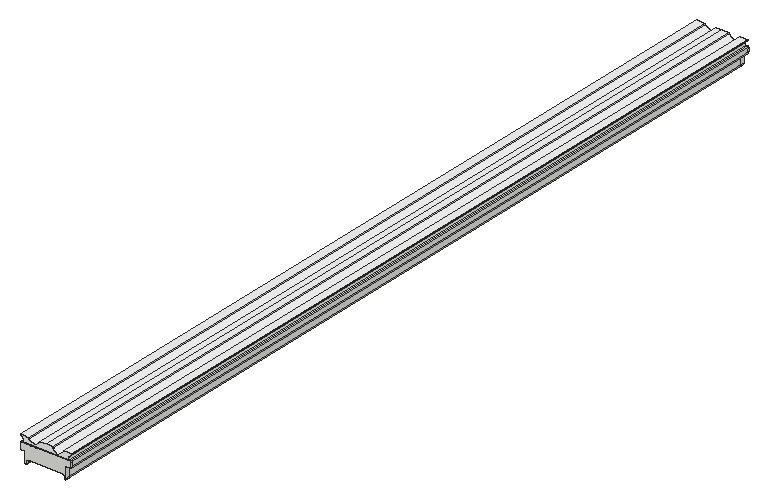
Revit family "Zumtobel TECTON 2 Medium Shelf Beam continuous row luminaire", category Lighting Fixtures, host Face, Revit 2023
Family settings
  Host = Face
  Round Connector Dimension = Use Diameter
  Part Type = Normal
  Cut with Voids When Loaded = Yes
  Light Source = Yes
  Maintain Annotation Orientation = No
  Shared = Yes
  Room Calculation Point = Yes
Parameters (values of type "TEC2 3k7-840 L10 MSB LDE WH")
  Wattage = 20.4 W
  built-in parameter 1150110 = 1 (stored number, unit not read)
  URL = "https://www.zumtobel.com/42956148"
  Type Image = ZS_TE2_F_Batten_single_WH.jpg
  Type Housing White = Zumtobel-Parts-TECTON 2-Continuous row luminaire-Housing : White
  Type Housing Black = Zumtobel-Parts-TECTON 2-Continuous row luminaire-Housing : Black
  Type Housing = if(White, Type Housing White, if(Black, Type Housing Black, Type Housing White))  # Zumtobel-Parts-TECTON 2-Continuous row luminaire-Housing : White
  built-in parameter 1114217 = 1 (stored number, unit not read)
  Tilt Angle = -90.00°  # constant formula
  built-in parameter 1150109 = 1 (stored number, unit not read)
  built-in parameter 1150134 = 12
  built-in parameter 1150113 = 1 (stored number, unit not read)
  Power Factor = 0.98
  Photometric Web File = "42956148_(STD_LEO).IES"
  Model = "42956148"
  Manufacturer = "Zumtobel Lighting"  # constant formula
  built-in parameter 1150105 = 320.7 (stored number, unit not read)
  Lumens = 4010 lm
  Luminaire Width = 60 mm  # constant formula
  Luminaire Length = if(L10, 1000 mm, if(L15, 1500 mm, if(L20, 2000 mm, if(L25, 2500 mm, 1000 mm))))  # 1000 mm
  Luminaire Height = 21.04 mm  # constant formula
  built-in parameter 1150115 = 1 (stored number, unit not read)
  Lighting Trunking System Mark [instance] = ""
  built-in parameter 1150137 = (empty or 0)
  built-in parameter 1150139 = (empty or 0)
  built-in parameter 1150112 = 1 (stored number, unit not read)
  built-in parameter 1150114 = 1 (stored number, unit not read)
  Lamp = "LED"  # constant formula
  L25 = no
  L20 = no
  L15 = no
  L10 = yes
  built-in parameter 1150132 = 2
  built-in parameter 1150102 = (empty or 0)
  built-in parameter 1150107 = 4000 (stored number, unit not read)
  built-in parameter 1150138 = (empty or 0)
  built-in parameter 1150106 = 3.207 (stored number, unit not read)
  White = yes
  Dimension = "Dimension"  # constant formula
  Colour = "Colour"  # constant formula
  Black = no
  Emit from Rectangle Width = 59.26 mm  # constant formula
  Emit from Rectangle Length = Luminaire Length - 2 mm  # 998 mm
  Emit Shape Visible in Rendering = 0 > 1  # no
  built-in parameter 1150104 = 18.302 (stored number, unit not read)
  Dimming Lamp Color Temperature Shift = <None>
  Description = "Luminaires - lighting track and lighting accessories"  # constant formula
  Default Elevation = 0 mm  # constant formula
  Color Filter = 16777215
  built-in parameter 1114218 = 1 (stored number, unit not read)
  built-in parameter 1150133 = 10 (stored number, unit not read)
  Assembly Code = "Pr_70_70_48"
  Apparent Load = Wattage / Power Factor  # 20.8163 VA
Types (13, lengths in mm): name | Wattage | URL | Type Image | Type Housing | Power Factor | Photometric Web File | Model | Lumens | Luminaire Length | L25 | L20 | L15 | L10 | built-in parameter 1150107 | White | Black | Emit from Rectangle Length | built-in parameter 1150104 | Apparent Load
  TEC2 3k7-840 L10 MSB LDE WH | 20.4 W | "https://www.zumtobel.com/42956148" | ZS_TE2_F_Batten_single_WH.jpg | Zumtobel-Parts-TECTON 2-Continuous row luminaire-Housing : White | 0.98 | "42956148_(STD_LEO).IES" | "42956148" | 4010 lm | 1000 | no | no | no | yes | 4000 (stored number, unit not read) | yes | no | 998 | 18.302 (stored number, unit not read) | 20.8163 VA
  TEC2 5k5-830 L15 MSB LDE WH | 30.4 W | "https://www.zumtobel.com/42955640" | ZS_TE2_F_Batten_single_WH.jpg | Zumtobel-Parts-TECTON 2-Continuous row luminaire-Housing : White | 0.96 | "42955640_(STD_LEO).IES" | "42955640" | 5950 lm | 1500 | no | no | yes | no | 3000 (stored number, unit not read) | yes | no | 1498 | 18.209 (stored number, unit not read) | 31.6667 VA
  TEC2 5k5-840 L15 MSB LDE WH | 29.7 W | "https://www.zumtobel.com/42955641" | ZS_TE2_F_Batten_single_WH.jpg | Zumtobel-Parts-TECTON 2-Continuous row luminaire-Housing : White | 0.96 | "42955641_(STD_LEO).IES" | "42955641" | 6020 lm | 1500 | no | no | yes | no | 4000 (stored number, unit not read) | yes | no | 1498 | 18.859 (stored number, unit not read) | 30.9375 VA
  TEC2 7k3-840 L20 MSB LDE WH | 39.1 W | "https://www.zumtobel.com/42190420" | ZS_TE2_F_Batten_single_WH.jpg | Zumtobel-Parts-TECTON 2-Continuous row luminaire-Housing : White | 0.98 | "42190420_(STD_LEO).IES" | "42190420" | 8020 lm | 2000 | no | yes | no | no | 4000 (stored number, unit not read) | yes | no | 1998 | 19.045 (stored number, unit not read) | 39.898 VA
  TEC2 9k2-840 L25 MSB LDE WH | 48.5 W | "https://www.zumtobel.com/42190416" | ZS_TE2_F_Batten_single_WH.jpg | Zumtobel-Parts-TECTON 2-Continuous row luminaire-Housing : White | 0.98 | "42190416_(STD_LEO).IES" | "42190416" | 10000 lm | 2500 | yes | no | no | no | 4000 (stored number, unit not read) | yes | no | 2498 | 19.138 (stored number, unit not read) | 49.4898 VA
  TEC2 11k-840 L20 MSB LDE WH | 52.9 W | "https://www.zumtobel.com/42955643" | ZS_TE2_F_Batten_single_WH.jpg | Zumtobel-Parts-TECTON 2-Continuous row luminaire-Housing : White | 0.98 | "42955643_(STD_LEO).IES" | "42955643" | 10700 lm | 2000 | no | yes | no | no | 4000 (stored number, unit not read) | yes | no | 1998 | 18.766 (stored number, unit not read) | 53.9796 VA
  TEC2 5k3-840 L10 MSB LDE WH | 27.4 W | "https://www.zumtobel.com/42955642" | ZS_TE2_F_Batten_single_WH.jpg | Zumtobel-Parts-TECTON 2-Continuous row luminaire-Housing : White | 0.95 | "42955642_(STD_LEO).IES" | "42955642" | 5350 lm | 1000 | no | no | no | yes | 4000 (stored number, unit not read) | yes | no | 998 | 18.116 (stored number, unit not read) | 28.8421 VA
  TEC2 8k-840 L15 MSB LDE WH | 40.1 W | "https://www.zumtobel.com/42190982" | ZS_TE2_F_Batten_single_WH.jpg | Zumtobel-Parts-TECTON 2-Continuous row luminaire-Housing : White | 0.98 | "42190982_(STD_LEO).IES" | "42190982" | 8020 lm | 1500 | no | no | yes | no | 4000 (stored number, unit not read) | yes | no | 1498 | 18.581 (stored number, unit not read) | 40.9184 VA
  TEC2 3k7-840 L10 MSB LDE BK | 20.4 W | "https://www.zumtobel.com/42956181" | ZS_TE2_F_Batten_single_BK.jpg | Zumtobel-Parts-TECTON 2-Continuous row luminaire-Housing : Black | 0.98 | "42956181_(STD_LEO).IES" | "42956181" | 3930 lm | 1000 | no | no | no | yes | 4000 (stored number, unit not read) | no | yes | 998 | 17.93 (stored number, unit not read) | 20.8163 VA
  TEC2 7k3-835 L20 MSB LDE BK | 39.1 W | "https://www.zumtobel.com/42190434" | ZS_TE2_F_Batten_single_BK.jpg | Zumtobel-Parts-TECTON 2-Continuous row luminaire-Housing : Black | 0.98 | "42190434_(STD_LEO).IES" | "42190434" | 7660 lm | 2000 | no | yes | no | no | 4000 (stored number, unit not read) | no | yes | 1998 | 18.209 (stored number, unit not read) | 39.898 VA
  TEC2 7k3-840 L20 MSB LDE BK | 39.1 W | "https://www.zumtobel.com/42190430" | ZS_TE2_F_Batten_single_BK.jpg | Zumtobel-Parts-TECTON 2-Continuous row luminaire-Housing : Black | 0.98 | "42190430_(STD_LEO).IES" | "42190430" | 7850 lm | 2000 | no | yes | no | no | 4000 (stored number, unit not read) | no | yes | 1998 | 18.674 (stored number, unit not read) | 39.898 VA
  TEC2 9k2-835 L25 MSB LDE BK | 48.4 W | "https://www.zumtobel.com/42190431" | ZS_TE2_F_Batten_single_BK.jpg | Zumtobel-Parts-TECTON 2-Continuous row luminaire-Housing : Black | 0.98 | "42190431_(STD_LEO).IES" | "42190431" | 9570 lm | 2500 | yes | no | no | no | 4000 (stored number, unit not read) | no | yes | 2498 | 18.395 (stored number, unit not read) | 49.3878 VA
  TEC2 9k2-840 L25 MSB LDE BK | 48.5 W | "https://www.zumtobel.com/42190427" | ZS_TE2_F_Batten_single_BK.jpg | Zumtobel-Parts-TECTON 2-Continuous row luminaire-Housing : Black | 0.98 | "42190427_(STD_LEO).IES" | "42190427" | 9810 lm | 2500 | yes | no | no | no | 4000 (stored number, unit not read) | no | yes | 2498 | 18.766 (stored number, unit not read) | 49.4898 VA
Reference planes
  plane 1 "Center (Front/Back)": y = 0
  plane 2: z = 0
  plane 3 "Center (Left/Right)": x = 0
  plane 4: x = -30
  plane 5: x = 30
  plane 6: y = 500
  plane 7: y = -500
  plane 8: z = 21.04
Lines and regions (mm)
  Filled region 1, type "White"
    outline origin (0, 0, 0) x (1, 0, 0) y (0, 1, 0)
      loop
        line (-30, 500) -> (-30, -500) -> (30, -500) -> (30, 500) -> (-30, 500)
  symbolic lines
    curve 1: line (-13.993, 500, 0) -> (-13.993, -500, 0)
    curve 2: line (13.993, 500, 0) -> (13.993, -500, 0)
  model lines, style "InvisibleLines"
    curve 3: line (-250, 500, 0) -> (250, 500, 0)
    curve 4: line (-250, -500, 0) -> (250, -500, 0)
Dimensions and locks
  equal spacing: plane 4, plane 3 "Center (Left/Right)", plane 5
  "Luminaire Width": plane 4 to plane 5
  equal spacing: plane 7, plane 1 "Center (Front/Back)", plane 6
  "Luminaire Length": plane 7 to plane 6
  "Luminaire Height": plane 8 to level
  aligned and locked: plane 2 to host face
  aligned and locked: level to host face
  aligned and locked: Filled region 1 to plane 4
  aligned and locked: Filled region 1 to plane 5
  aligned and locked: Filled region 1 sketch curve to plane 6
  aligned and locked: Filled region 1 sketch curve to plane 7
  aligned and locked: plane 5 to Filled region 1 sketch curve
  aligned and locked: plane 4 to Filled region 1 sketch curve
  aligned and locked: plane 6 to curve 1
  aligned and locked: plane 7 to curve 1
  aligned and locked: curve 3 to plane 6
  aligned and locked: plane 7 to curve 4
Automatic sketch dimensions
  host sketch curve to host sketch curve = 2438.4 mm  (x2)
  curve 4 to plane 4 = 220 mm
  curve 3 to plane 4 = 220 mm
  curve 1 to plane 3 "Center (Left/Right)" = 13.993 mm
  plane 3 "Center (Left/Right)" to curve 2 = 13.993 mm
  curve 4 to plane 5 = 220 mm
  curve 3 to plane 5 = 220 mm
Nested families
  nested 1: "Zumtobel-Parts-TECTON 2-Continuous row luminaire-Housing" at (0, 0, 0) x (0, -1, 0) z (0, 0, -1), A <- "Luminaire Length", type <- "Type Housing", type "White"
    with A 1000 mm
Connectors
  electrical at (0, 0, 0), driven by "Apparent Load", driven by "Power Factor"
    settings: index 1, voltage 230 V, apparent load 20.8163 VA, apparent load phase1 0 VA, apparent load phase2 0 VA, apparent load phase3 0 VA, power factor 0.98, load classification "Lighting", number of poles 1, system type 30, power factor state 1, is connector primary yes, connector utility no, sub classification motor no, connector description ""
Definition of nested family "Zumtobel-Parts-TECTON 2-Continuous row luminaire-Housing"
  Parameters (values of type "Black")
    Material Plastic = none
    Material Housing = none
    Manufacturer = "Zumtobel Lighting"  # constant formula
    Default Elevation = 0 mm  # constant formula
    C = 60 mm  # constant formula
    B = 60 mm  # constant formula
    A [instance] = 1000 mm
  Types (3, lengths in mm): name | A
    (no name) | 1000
    Black | 1000
    White | 2500
  Reference planes
    plane 1 "Center (Front/Back)": y = 0
    plane 2: z = 0
    plane 3 "Center (Left/Right)": x = 0
    plane 4: x = -500
    plane 5: x = 500
    plane 6: y = 30
    plane 7: y = -30
    plane 8: z = -60
    plane 9: z = 60
    plane 10: x = -499
    plane 11: x = -495.5
    plane 12: x = 499
    plane 13: x = 495.5
  Forms (mm)
    Extrusion 1, solid, material <- "Material Housing"
      sketch origin (0, 7.257, -8.942) x (0, 1, 0) y (0, 0, 1)
        loop
          arc (16.943, 15.62) -> (15.922, 16.642) -> (14.9, 15.62) r 1.022
          line (14.9, 15.62) -> (14.9, 12.801) -> (10.329, 9.025) -> (-7.257, 9.025) -> (-24.842, 9.025) -> (-29.413, 12.801) -> (-29.413, 15.62)
          arc (-29.413, 15.62) -> (-30.435, 16.642) -> (-31.457, 15.62) r 1.022
          line (-31.457, 15.62) -> (-31.457, 3.728)
          arc (-31.457, 3.728) -> (-31.634, 3.298) -> (-32.064, 3.12) r 0.608
          line (-32.064, 3.12) -> (17.551, 3.12)
          arc (17.551, 3.12) -> (17.121, 3.298) -> (16.943, 3.728) r 0.608
          line (16.943, 3.728) -> (16.943, 15.62)
      from -495.5 to 495.5
    Extrusion 2, solid, material <- "Material Housing"
      sketch origin (0, 7.257, -8.942) x (0, 1, 0) y (0, 0, 1)
        loop
          line (-7.241, 3.12) -> (-35.357, 3.12)
          arc (-35.357, 3.12) -> (-36.7, 2.564) -> (-37.257, 1.22) r 1.9
          line (-37.257, 1.22) -> (-37.257, -3.866)
          arc (-37.257, -3.866) -> (-36.964, -4.573) -> (-36.257, -4.866) r 1
          line (-36.257, -4.866) -> (21.743, -4.866)
          arc (21.743, -4.866) -> (22.451, -4.573) -> (22.743, -3.866) r 1
          line (22.743, -3.866) -> (22.743, 1.22)
          arc (22.743, 1.22) -> (22.187, 2.564) -> (20.843, 3.12) r 1.9
          line (20.843, 3.12) -> (-7.241, 3.12)
      from -499 to 499
    Extrusion 3, solid, material <- "Material Plastic"
      sketch origin (-500, 889.358, 1200) x (0, 1, 0) y (0, 0, 1)
        loop
          arc (-860.358, -1213.808) -> (-859.651, -1213.515) -> (-859.358, -1212.808) r 1
          line (-859.358, -1212.808) -> (-859.358, -1207.722)
          arc (-859.358, -1207.722) -> (-859.915, -1206.378) -> (-861.258, -1205.822) r 1.9
          line (-861.258, -1205.822) -> (-864.551, -1205.822)
          arc (-864.551, -1205.822) -> (-864.98, -1205.644) -> (-865.158, -1205.214) r 0.608
          line (-865.158, -1205.214) -> (-865.158, -1193.322)
          arc (-865.158, -1193.322) -> (-866.18, -1192.3) -> (-867.202, -1193.322) r 1.022
          line (-867.202, -1193.322) -> (-867.202, -1196.14) -> (-868.771, -1197.437) -> (-889.358, -1197.437) -> (-909.946, -1197.437) -> (-911.515, -1196.14) -> (-911.515, -1193.322)
          arc (-911.515, -1193.322) -> (-912.537, -1192.3) -> (-913.558, -1193.322) r 1.022
          line (-913.558, -1193.322) -> (-913.558, -1205.214)
          arc (-913.558, -1205.214) -> (-913.736, -1205.644) -> (-914.166, -1205.822) r 0.608
          line (-914.166, -1205.822) -> (-917.458, -1205.822)
          arc (-917.458, -1205.822) -> (-918.802, -1206.378) -> (-919.358, -1207.722) r 1.9
          line (-919.358, -1207.722) -> (-919.358, -1212.808)
          arc (-919.358, -1212.808) -> (-919.066, -1213.515) -> (-918.358, -1213.808) r 1
          line (-918.358, -1213.808) -> (-860.358, -1213.808)
      from 0 to 1
    Extrusion 4, solid, material <- "Material Plastic"
      sketch origin (-500, 889.358, 1200) x (0, 1, 0) y (0, 0, 1)
        loop
          arc (-864.551, -1205.822) -> (-864.98, -1205.644) -> (-865.158, -1205.214) r 0.608
          line (-865.158, -1205.214) -> (-865.158, -1193.322)
          arc (-865.158, -1193.322) -> (-866.18, -1192.3) -> (-867.202, -1193.322) r 1.022
          line (-867.202, -1193.322) -> (-867.202, -1196.14) -> (-868.771, -1197.437) -> (-889.358, -1197.437) -> (-909.946, -1197.437) -> (-911.515, -1196.14) -> (-911.515, -1193.322)
          arc (-911.515, -1193.322) -> (-912.537, -1192.3) -> (-913.558, -1193.322) r 1.022
          line (-913.558, -1193.322) -> (-913.558, -1205.214)
          arc (-913.558, -1205.214) -> (-913.736, -1205.644) -> (-914.166, -1205.822) r 0.608
          line (-914.166, -1205.822) -> (-864.551, -1205.822)
      from 1 to 4.5
    Extrusion 5, solid
      sketch origin (0, 0, -8.942) x (0, 1, 0) y (0, 0, 1)
        loop
          line (29.629, -11.1) -> (26.547, -8.123) -> (26.49, -4.866) -> (0, -4.866) -> (-26.49, -4.866) -> (-26.547, -8.123) -> (-29.629, -11.1) -> (-29.629, -12.1) -> (-20.193, -12.1) -> (-20.193, -10.6) -> (-13.993, -6.095) -> (-7.793, -10.6) -> (-7.793, -12.1) -> (0, -12.1) -> (7.793, -12.1) -> (7.793, -10.6) -> (13.993, -6.095) -> (20.193, -10.6) -> (20.193, -12.1) -> (29.629, -12.1) -> (29.629, -11.1)
      from -499 to 499
    Extrusion 6, solid, material <- "Material Plastic"
      sketch origin (500, 889.358, 1200) x (0, 1, 0) y (0, 0, -1)
        loop
          line (-860.358, 1213.808) -> (-918.358, 1213.808)
          arc (-918.358, 1213.808) -> (-919.066, 1213.515) -> (-919.358, 1212.808) r 1
          line (-919.358, 1212.808) -> (-919.358, 1207.722)
          arc (-919.358, 1207.722) -> (-918.802, 1206.378) -> (-917.458, 1205.822) r 1.9
          line (-917.458, 1205.822) -> (-914.166, 1205.822)
          arc (-914.166, 1205.822) -> (-913.736, 1205.644) -> (-913.558, 1205.214) r 0.608
          line (-913.558, 1205.214) -> (-913.558, 1193.322)
          arc (-913.558, 1193.322) -> (-912.537, 1192.3) -> (-911.515, 1193.322) r 1.022
          line (-911.515, 1193.322) -> (-911.515, 1196.14) -> (-909.946, 1197.437) -> (-889.358, 1197.437) -> (-868.771, 1197.437) -> (-867.202, 1196.14) -> (-867.202, 1193.322)
          arc (-867.202, 1193.322) -> (-866.18, 1192.3) -> (-865.158, 1193.322) r 1.022
          line (-865.158, 1193.322) -> (-865.158, 1205.214)
          arc (-865.158, 1205.214) -> (-864.98, 1205.644) -> (-864.551, 1205.822) r 0.608
          line (-864.551, 1205.822) -> (-861.258, 1205.822)
          arc (-861.258, 1205.822) -> (-859.915, 1206.378) -> (-859.358, 1207.722) r 1.9
          line (-859.358, 1207.722) -> (-859.358, 1212.808)
          arc (-859.358, 1212.808) -> (-859.651, 1213.515) -> (-860.358, 1213.808) r 1
      from 0 to 1
    Extrusion 7, solid, material <- "Material Plastic"
      sketch origin (500, 889.358, 1200) x (0, 1, 0) y (0, 0, -1)
        loop
          line (-864.551, 1205.822) -> (-914.166, 1205.822)
          arc (-914.166, 1205.822) -> (-913.736, 1205.644) -> (-913.558, 1205.214) r 0.608
          line (-913.558, 1205.214) -> (-913.558, 1193.322)
          arc (-913.558, 1193.322) -> (-912.537, 1192.3) -> (-911.515, 1193.322) r 1.022
          line (-911.515, 1193.322) -> (-911.515, 1196.14) -> (-909.946, 1197.437) -> (-889.358, 1197.437) -> (-868.771, 1197.437) -> (-867.202, 1196.14) -> (-867.202, 1193.322)
          arc (-867.202, 1193.322) -> (-866.18, 1192.3) -> (-865.158, 1193.322) r 1.022
          line (-865.158, 1193.322) -> (-865.158, 1205.214)
          arc (-865.158, 1205.214) -> (-864.98, 1205.644) -> (-864.551, 1205.822) r 0.608
      from 1 to 4.5
  Cuts and joins
    joined: Extrusion 6, Extrusion 7
    joined: Extrusion 3, Extrusion 4
  Lines and regions (mm)
    model lines
      curve 1: line (-500, 24.2, 0) -> (-500, -24.2, 0)
      curve 2: line (500, 24.2, 0) -> (500, -24.2, 0)
  Dimensions and locks
    equal spacing: plane 4, plane 3 "Center (Left/Right)", plane 5
    "A": plane 4 to plane 5
    equal spacing: plane 6, plane 1 "Center (Front/Back)", plane 7
    "B": plane 6 to plane 7
    "C": plane 8 to level
    "C": plane 9 to level
    locked: plane 4 to plane 10 at 1
    locked: plane 4 to plane 11 at 4.5
    locked: plane 5 to plane 12 at 1
    locked: plane 5 to plane 13 at 4.5
    aligned and locked: level to plane 2
    aligned and locked: Extrusion 1 to plane 13
    aligned and locked: Extrusion 2 to plane 12
    aligned and locked: Extrusion 1 to plane 11
    aligned and locked: Extrusion 2 to plane 10
    aligned and locked: Extrusion 5 to plane 10
    aligned and locked: Extrusion 5 to plane 12
  Automatic sketch dimensions
    Extrusion 1 sketch curve to plane 1 "Center (Front/Back)" = 0 mm
    level to Extrusion 1 sketch curve = 0.083 mm
    plane 7 to Extrusion 1 sketch curve = 12.414 mm
    Extrusion 1 sketch curve to Extrusion 1 sketch curve = 4.571 mm  (x2)
    Extrusion 1 sketch curve to Extrusion 1 sketch curve = 1.022 mm  (x2)
    Extrusion 1 sketch curve to Extrusion 1 sketch curve = 0.608 mm  (x2)
    plane 6 to Extrusion 1 sketch curve = 12.414 mm
    Extrusion 1 sketch curve to level = 5.214 mm  (x2)
    level to Extrusion 1 sketch curve = 3.86 mm  (x2)
    Extrusion 1 sketch curve to Extrusion 1 sketch curve = 2.819 mm  (x2)
    Extrusion 1 sketch curve to Extrusion 1 sketch curve = 0 mm
    Extrusion 2 sketch curve to plane 7 = 0 mm
    Extrusion 2 sketch curve to plane 6 = 0 mm
    plane 7 to Extrusion 2 sketch curve = 1 mm
    plane 7 to Extrusion 2 sketch curve = 1.9 mm
    Extrusion 2 sketch curve to plane 1 "Center (Front/Back)" = 0.016 mm
    plane 6 to Extrusion 2 sketch curve = 1.9 mm
    plane 6 to Extrusion 2 sketch curve = 1 mm
    Extrusion 2 sketch curve to level = 13.808 mm
    Extrusion 2 sketch curve to Extrusion 2 sketch curve = 5.086 mm
    Extrusion 5 sketch curve to plane 1 "Center (Front/Back)" = 0 mm  (x2)
    plane 1 "Center (Front/Back)" to Extrusion 5 sketch curve = 7.793 mm
    Extrusion 5 sketch curve to Extrusion 5 sketch curve = 6.2 mm  (x4)
    plane 7 to Extrusion 5 sketch curve = 3.51 mm
    Extrusion 5 sketch curve to Extrusion 5 sketch curve = 0.057 mm  (x2)
    plane 7 to Extrusion 5 sketch curve = 0.371 mm
    Extrusion 5 sketch curve to plane 1 "Center (Front/Back)" = 7.793 mm
    plane 6 to Extrusion 5 sketch curve = 3.51 mm
    plane 6 to Extrusion 5 sketch curve = 0.371 mm
    Extrusion 5 sketch curve to level = 21.042 mm  (x2)
    Extrusion 5 sketch curve to Extrusion 5 sketch curve = 0 mm
    Extrusion 5 sketch curve to Extrusion 5 sketch curve = 1 mm  (x2)
    Extrusion 5 sketch curve to Extrusion 5 sketch curve = 1.5 mm  (x4)
    Extrusion 5 sketch curve to Extrusion 5 sketch curve = 2.977 mm  (x2)
    Extrusion 5 sketch curve to Extrusion 5 sketch curve = 4.505 mm  (x2)
    Extrusion 5 sketch curve to Extrusion 5 sketch curve = 3.257 mm
    Extrusion 3 sketch curve to plane 7 = 0 mm
    Extrusion 3 sketch curve to plane 1 "Center (Front/Back)" = 0 mm
    Extrusion 3 sketch curve to plane 6 = 0 mm
    plane 7 to Extrusion 3 sketch curve = 1 mm
    Extrusion 3 sketch curve to Extrusion 3 sketch curve = 1.9 mm
    Extrusion 3 sketch curve to Extrusion 3 sketch curve = 3.292 mm
    Extrusion 3 sketch curve to Extrusion 3 sketch curve = 0.608 mm  (x2)
    Extrusion 3 sketch curve to Extrusion 3 sketch curve = 1.022 mm  (x2)
    Extrusion 3 sketch curve to Extrusion 3 sketch curve = 1.569 mm  (x2)
    level to Extrusion 3 sketch curve = 2.563 mm
    plane 6 to Extrusion 3 sketch curve = 9.413 mm
    level to Extrusion 3 sketch curve = 3.86 mm
    plane 6 to Extrusion 3 sketch curve = 1.9 mm
    plane 6 to Extrusion 3 sketch curve = 1 mm
    Extrusion 3 sketch curve to level = 5.214 mm  (x2)
    Extrusion 3 sketch curve to Extrusion 3 sketch curve = 5.086 mm
    Extrusion 3 sketch curve to Extrusion 3 sketch curve = 1.297 mm
    Extrusion 3 sketch curve to Extrusion 3 sketch curve = 2.819 mm  (x2)
    Extrusion 4 sketch curve to plane 1 "Center (Front/Back)" = 0 mm
    level to Extrusion 4 sketch curve = 2.563 mm
    plane 7 to Extrusion 4 sketch curve = 9.413 mm
    Extrusion 4 sketch curve to Extrusion 4 sketch curve = 1.569 mm  (x2)
    Extrusion 4 sketch curve to Extrusion 4 sketch curve = 1.022 mm  (x2)
    Extrusion 4 sketch curve to Extrusion 4 sketch curve = 0.608 mm  (x3)
    plane 6 to Extrusion 4 sketch curve = 9.413 mm
    Extrusion 4 sketch curve to level = 5.214 mm
    Extrusion 4 sketch curve to Extrusion 4 sketch curve = 1.297 mm  (x2)
    Extrusion 4 sketch curve to Extrusion 4 sketch curve = 2.819 mm  (x2)
    Extrusion 4 sketch curve to Extrusion 4 sketch curve = 0 mm
    Extrusion 6 sketch curve to plane 7 = 0 mm
    Extrusion 6 sketch curve to plane 1 "Center (Front/Back)" = 0 mm
    Extrusion 6 sketch curve to plane 6 = 0 mm
    Extrusion 6 sketch curve to plane 7 = 1 mm
    Extrusion 6 sketch curve to plane 7 = 1.9 mm
    Extrusion 6 sketch curve to Extrusion 6 sketch curve = 3.292 mm
    Extrusion 6 sketch curve to Extrusion 6 sketch curve = 0.608 mm  (x2)
    Extrusion 6 sketch curve to Extrusion 6 sketch curve = 1.022 mm  (x2)
    Extrusion 6 sketch curve to Extrusion 6 sketch curve = 1.569 mm  (x2)
    Extrusion 6 sketch curve to level = 2.563 mm
    Extrusion 6 sketch curve to plane 6 = 9.413 mm
    Extrusion 6 sketch curve to level = 3.86 mm
    Extrusion 6 sketch curve to plane 6 = 1.9 mm
    Extrusion 6 sketch curve to plane 6 = 1 mm
    level to Extrusion 6 sketch curve = 5.214 mm  (x2)
    Extrusion 6 sketch curve to Extrusion 6 sketch curve = 5.086 mm
    Extrusion 6 sketch curve to Extrusion 6 sketch curve = 1.297 mm
    Extrusion 6 sketch curve to Extrusion 6 sketch curve = 2.819 mm  (x2)
    Extrusion 7 sketch curve to plane 1 "Center (Front/Back)" = 0 mm
    Extrusion 7 sketch curve to level = 2.563 mm
    Extrusion 7 sketch curve to plane 7 = 9.413 mm
    Extrusion 7 sketch curve to Extrusion 7 sketch curve = 1.569 mm  (x2)
    Extrusion 7 sketch curve to Extrusion 7 sketch curve = 1.022 mm  (x2)
    Extrusion 7 sketch curve to Extrusion 7 sketch curve = 0.608 mm  (x3)
    Extrusion 7 sketch curve to plane 6 = 9.413 mm
    level to Extrusion 7 sketch curve = 5.214 mm
    Extrusion 7 sketch curve to Extrusion 7 sketch curve = 1.297 mm  (x2)
    Extrusion 7 sketch curve to Extrusion 7 sketch curve = 2.819 mm  (x2)
    Extrusion 7 sketch curve to Extrusion 7 sketch curve = 0 mm
    curve 1 to level = 0 mm
    plane 7 to curve 1 = 5.8 mm
    plane 6 to curve 1 = 5.8 mm
    curve 2 to level = 0 mm
    curve 2 to plane 7 = 5.8 mm
    curve 2 to plane 6 = 5.8 mm
